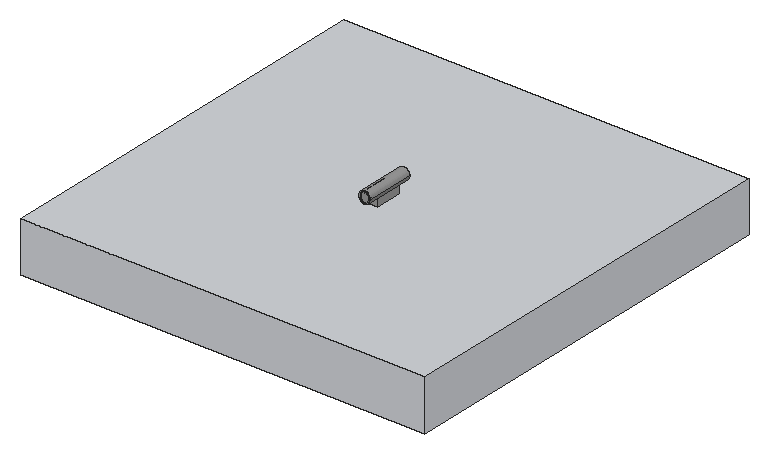
Revit family "LAMP_LUP WALL 70 DIRECT", category Luminarias, Revit 2018 (continued)
Types (2, lengths in mm): name | built-in parameter 1150107 | Product datasheet | Product code | built-in parameter 1150142 | built-in parameter 1150105 | built-in parameter 1150106 | Lumens | built-in parameter 1150104 | Efficacy | Archivo de red fotométrica
    0.00 0.00 0.00 0.00 \r\n0.00 0.00 0.00 0.00 0.00 0.00 0.00 0.00 0.00 0.00 0.00 \r\n0.00 0.00 0.00 0.00 0.00 0.00 0.00 0.00 0.00 0.00 0.00 \r\n0.00 0.00 0.00 0.00 0.00 0.00 0.00 0.00 0.00 0.00 \r\n455.10 399.99 351.66 305.58 260.38 219.38 183.23 151.71 \r\n124.01 101.00 82.60 67.24 55.54 49.55 45.02 41.24 38.31 \r\n35.64 33.17 30.29 27.19 23.86 20.08 16.76 13.97 11.75 \r\n9.96 8.61 7.71 6.80 5.85 5.00 4.29 3.73 3.20 2.74 2.35 \r\n2.08 1.86 1.65 1.36 1.00 0.60 0.32 0.17 0.00 0.00 0.00 \r\n0.00 0.00 0.00 0.00 0.00 0.00 0.00 0.00 0.00 0.00 0.00 \r\n0.00 0.00 0.00 0.00 0.00 0.00 0.00 0.00 0.00 0.00 0.00 \r\n0.00 0.00 0.00 0.00 0.00 0.00 0.00 0.00 0.00 0.00 0.00 \r\n0.00 0.00 0.00 0.00 0.00 0.00 0.00 0.00 0.00 0.00 \r\n455.10 402.91 356.79 312.43 268.95 229.36 194.20 163.44 \r\n135.89 111.90 91.67 74.60 60.81 53.34 47.70 43.15 39.85 \r\n37.10 34.34 31.05 27.86 24.33 20.44 16.99 14.12 11.88 \r\n10.10 8.77 7.85 6.92 5.93 5.06 4.34 3.77 3.25 2.77 2.36 \r\n2.07 1.84 1.63 1.35 0.99 0.60 0.32 0.17 0.00 0.00 0.00 \r\n0.00 0.00 0.00 0.00 0.00 0.00 0.00 0.00 0.00 0.00 0.00 \r\n0.00 0.00 0.00 0.00 0.00 0.00 0.00 0.00 0.00 0.00 0.00 \r\n0.00 0.00 0.00 0.00 0.00 0.00 0.00 0.00 0.00 0.00 0.00 \r\n0.00 0.00 0.00 0.00 0.00 0.00 0.00 0.00 0.00 0.00 \r\n455.10 405.84 362.02 319.55 278.26 240.51 206.54 176.46 \r\n149.42 125.26 104.52 86.85 72.52 64.39 57.56 51.83 46.54 \r\n41.69 37.32 33.06 29.03 25.22 21.06 17.43 14.41 12.09 \r\n10.26 8.90 7.97 7.03 6.04 5.15 4.41 3.82 3.29 2.81 2.38 \r\n2.08 1.83 1.61 1.33 0.99 0.60 0.32 0.17 0.00 0.00 0.00 \r\n0.00 0.00 0.00 0.00 0.00 0.00 0.00 0.00 0.00 0.00 0.00 \r\n0.00 0.00 0.00 0.00 0.00 0.00 0.00 0.00 0.00 0.00 0.00 \r\n0.00 0.00 0.00 0.00 0.00 0.00 0.00 0.00 0.00 0.00 0.00 \r\n0.00 0.00 0.00 0.00 0.00 0.00 0.00 0.00 0.00 0.00 \r\n455.10 408.83 367.33 327.16 287.82 251.83 219.38 190.15 \r\n164.08 141.12 121.05 103.41 88.66 78.20 69.45 61.78 54.09 \r\n47.09 40.77 35.15 30.30 26.14 21.73 17.90 14.71 12.32 \r\n10.43 9.00 8.08 7.13 6.15 5.24 4.49 3.88 3.34 2.84 2.41 \r\n2.09 1.83 1.59 1.31 0.97 0.60 0.32 0.16 0.00 0.00 0.00 \r\n0.00 0.00 0.00 0.00 0.00 0.00 0.00 0.00 0.00 0.00 0.00 \r\n0.00 0.00 0.00 0.00 0.00 0.00 0.00 0.00 0.00 0.00 0.00 \r\n0.00 0.00 0.00 0.00 0.00 0.00 0.00 0.00 0.00 0.00 0.00 \r\n0.00 0.00 0.00 0.00 0.00 0.00 0.00 0.00 0.00 0.00 \r\n455.10 411.86 372.96 334.86 297.56 263.30 232.58 204.60 \r\n179.43 157.30 137.51 119.93 104.39 92.20 81.48 71.92 \r\n61.81 52.47 44.18 37.26 31.58 27.05 22.40 18.37 15.00 \r\n12.54 10.60 9.14 8.19 7.24 6.27 5.34 4.56 3.92 3.38 2.88 \r\n2.44 2.10 1.82 1.57 1.30 0.96 0.60 0.32 0.16 0.00 0.00 \r\n0.00 0.00 0.00 0.00 0.00 0.00 0.00 0.00 0.00 0.00 0.00 \r\n0.00 0.00 0.00 0.00 0.00 0.00 0.00 0.00 0.00 0.00 0.00 \r\n0.00 0.00 0.00 0.00 0.00 0.00 0.00 0.00 0.00 0.00 0.00 \r\n0.00 0.00 0.00 0.00 0.00 0.00 0.00 0.00 0.00 0.00 0.00 \r\n455.10 414.94 378.75 342.63 307.46 274.89 245.84 218.98 \r\n194.78 173.49 154.02 136.20 120.00 106.12 93.46 81.88 \r\n69.36 57.87 47.58 39.34 32.85 27.97 23.07 18.84 15.28 \r\n12.77 10.76 9.28 8.30 7.34 6.38 5.43 4.63 3.98 3.42 2.92 \r\n2.46 2.11 1.82 1.56 1.28 0.95 0.59 0.32 0.17 0.00 0.00 \r\n0.00 0.00 0.00 0.00 0.00 0.00 0.00 0.00 0.00 0.00 0.00 \r\n0.00 0.00 0.00 0.00 0.00 0.00 0.00 0.00 0.00 0.00 0.00 \r\n0.00 0.00 0.00 0.00 0.00 0.00 0.00 0.00 0.00 0.00 0.00 \r\n0.00 0.00 0.00 0.00 0.00 0.00 0.00 0.00 0.00 0.00 0.00 \r\n455.10 418.07 384.60 350.49 317.38 286.53 259.10 233.26 \r\n210.20 189.56 170.54 152.67 135.81 119.87 105.34 91.87 \r\n77.02 63.26 51.07 41.45 34.12 28.87 23.74 19.30 15.63 \r\n12.99 10.93 9.39 8.41 7.45 6.49 5.53 4.70 4.03 3.46 2.95 \r\n2.49 2.13 1.82 1.53 1.26 0.94 0.58 0.32 0.17 0.00 0.00 \r\n0.00 0.00 0.00 0.00 0.00 0.00 0.00 0.00 0.00 0.00 0.00 \r\n0.00 0.00 0.00 0.00 0.00 0.00 0.00 0.00 0.00 0.00 0.00 \r\n0.00 0.00 0.00 0.00 0.00 0.00 0.00 0.00 0.00 0.00 0.00 \r\n0.00 0.00 0.00 0.00 0.00 0.00 0.00 0.00 0.00 0.00 0.00 \r\n455.10 421.23 390.50 358.42 327.39 298.23 272.42 247.59 \r\n225.50 205.75 187.07 169.08 151.65 133.74 117.29 102.04 \r\n84.63 68.66 54.33 43.56 35.40 29.79 24.42 19.77 15.90 \r\n13.22 11.10 9.53 8.52 7.55 6.60 5.61 4.78 4.08 3.51 2.99 \r\n2.52 2.14 1.81 1.51 1.24 0.93 0.58 0.32 0.17 0.00 0.00 \r\n0.00 0.00 0.00 0.00 0.00 0.00 0.00 0.00 0.00 0.00 0.00 \r\n0.00 0.00 0.00 0.00 0.00 0.00 0.00 0.00 0.00 0.00 0.00 \r\n0.00 0.00 0.00 0.00 0.00 0.00 0.00 0.00 0.00 0.00 0.00 \r\n0.00 0.00 0.00 0.00 0.00 0.00 0.00 0.00 0.00 0.00 0.00 \r\n455.10 424.48 396.46 366.56 337.54 310.15 285.87 262.09 \r\n241.10 221.91 204.03 185.52 168.09 147.74 129.95 112.17 \r\n92.25 74.59 58.04 45.65 36.67 30.73 25.07 20.24 16.23 \r\n13.45 11.27 9.66 8.63 7.66 6.71 5.71 4.85 4.14 3.55 3.02 \r\n2.55 2.16 1.80 1.50 1.23 0.92 0.57 0.32 0.17 0.00 0.00 \r\n0.00 0.00 0.00 0.00 0.00 0.00 0.00 0.00 0.00 0.00 0.00 \r\n0.00 0.00 0.00 0.00 0.00 0.00 0.00 0.00 0.00 0.00 0.00 \r\n0.00 0.00 0.00 0.00 0.00 0.00 0.00 0.00 0.00 0.00 0.00 \r\n0.00 0.00 0.00 0.00 0.00 0.00 0.00 0.00 0.00 0.00 0.00 \r\n455.10 427.86 402.48 375.13 347.84 322.61 299.42 277.36 \r\n256.92 239.40 221.48 204.40 186.09 166.61 146.88 129.10 \r\n107.82 87.33 68.87 53.32 41.70 33.39 26.57 21.04 16.77 \r\n13.91 11.62 9.87 8.82 7.81 6.84 5.83 4.94 4.22 3.61 3.07 \r\n2.58 2.17 1.81 1.50 1.21 0.90 0.57 0.31 0.17 0.00 0.00 \r\n0.00 0.00 0.00 0.00 0.00 0.00 0.00 0.00 0.00 0.00 0.00 \r\n0.00 0.00 0.00 0.00 0.00 0.00 0.00 0.00 0.00 0.00 0.00 \r\n0.00 0.00 0.00 0.00 0.00 0.00 0.00 0.00 0.00 0.00 0.00 \r\n0.00 0.00 0.00 0.00 0.00 0.00 0.00 0.00 0.00 0.00 0.00 \r\n455.10 431.28 408.54 383.80 358.34 335.15 313.53 292.78 \r\n273.89 257.13 240.67 224.17 207.35 188.53 170.29 152.51 \r\n130.46 108.36 86.51 66.74 50.42 37.89 28.89 22.21 17.72 \r\n14.62 12.17 10.29 9.09 8.01 7.00 5.97 5.07 4.32 3.69 3.13 \r\n2.61 2.20 1.83 1.49 1.20 0.90 0.56 0.31 0.17 0.00 0.00 \r\n0.00 0.00 0.00 0.00 0.00 0.00 0.00 0.00 0.00 0.00 0.00 \r\n0.00 0.00 0.00 0.00 0.00 0.00 0.00 0.00 0.00 0.00 0.00 \r\n0.00 0.00 0.00 0.00 0.00 0.00 0.00 0.00 0.00 0.00 0.00 \r\n0.00 0.00 0.00 0.00 0.00 0.00 0.00 0.00 0.00 0.00 0.00 \r\n455.10 434.71 414.64 392.57 369.26 347.80 327.82 308.40 \r\n290.91 275.24 259.87 244.48 228.69 211.12 193.72 176.55 \r\n153.42 129.40 104.64 80.09 59.16 42.15 31.19 23.37 18.56 \r\n15.34 12.72 10.65 9.35 8.22 7.15 6.10 5.19 4.42 3.78 3.19 \r\n2.65 2.23 1.85 1.49 1.20 0.89 0.56 0.31 0.16 0.00 0.00 \r\n0.00 0.00 0.00 0.00 0.00 0.00 0.00 0.00 0.00 0.00 0.00 \r\n0.00 0.00 0.00 0.00 0.00 0.00 0.00 0.00 0.00 0.00 0.00 \r\n0.00 0.00 0.00 0.00 0.00 0.00 0.00 0.00 0.00 0.00 0.00 \r\n0.00 0.00 0.00 0.00 0.00 0.00 0.00 0.00 0.00 0.00 0.00 \r\n455.10 438.17 420.79 401.44 380.28 360.52 342.17 324.14 \r\n307.87 293.36 279.10 264.76 250.08 233.72 217.12 200.31 \r\n176.37 150.42 122.63 93.43 67.90 46.37 33.51 24.54 19.37 \r\n16.06 13.26 11.00 9.62 8.41 7.31 6.24 5.31 4.52 3.85 3.24 \r\n2.69 2.26 1.86 1.50 1.19 0.87 0.55 0.30 0.16 0.00 0.00 \r\n0.00 0.00 0.00 0.00 0.00 0.00 0.00 0.00 0.00 0.00 0.00 \r\n0.00 0.00 0.00 0.00 0.00 0.00 0.00 0.00 0.00 0.00 0.00 \r\n0.00 0.00 0.00 0.00 0.00 0.00 0.00 0.00 0.00 0.00 0.00 \r\n0.00 0.00 0.00 0.00 0.00 0.00 0.00 0.00 0.00 0.00 0.00 \r\n455.10 441.65 427.10 410.38 391.39 373.32 356.36 339.85 \r\n324.92 311.48 298.28 285.05 271.51 256.33 240.51 223.77 \r\n199.32 171.44 140.62 106.81 76.65 51.19 35.83 25.72 20.32 \r\n16.77 13.81 11.32 9.89 8.61 7.46 6.38 5.44 4.63 3.93 3.30 \r\n2.73 2.29 1.88 1.50 1.18 0.86 0.54 0.30 0.16 0.00 0.00 \r\n0.00 0.00 0.00 0.00 0.00 0.00 0.00 0.00 0.00 0.00 0.00 \r\n0.00 0.00 0.00 0.00 0.00 0.00 0.00 0.00 0.00 0.00 0.00 \r\n0.00 0.00 0.00 0.00 0.00 0.00 0.00 0.00 0.00 0.00 0.00 \r\n0.00 0.00 0.00 0.00 0.00 0.00 0.00 0.00 0.00 0.00 0.00 \r\n455.10 445.14 433.45 419.34 402.59 386.22 370.68 355.54 \r\n341.84 329.57 317.50 305.38 292.95 278.89 263.90 247.32 \r\n222.24 192.49 158.68 120.19 85.41 55.85 38.14 26.88 21.23 \r\n17.49 14.35 11.70 10.16 8.81 7.62 6.52 5.56 4.74 4.01 \r\n3.35 2.77 2.32 1.89 1.50 1.18 0.85 0.53 0.30 0.16 0.00 \r\n0.00 0.00 0.00 0.00 0.00 0.00 0.00 0.00 0.00 0.00 0.00 \r\n0.00 0.00 0.00 0.00 0.00 0.00 0.00 0.00 0.00 0.00 0.00 \r\n0.00 0.00 0.00 0.00 0.00 0.00 0.00 0.00 0.00 0.00 0.00 \r\n0.00 0.00 0.00 0.00 0.00 0.00 0.00 0.00 0.00 0.00 0.00 \r\n0.00 \r\n455.10 448.65 439.81 428.34 413.79 399.16 384.99 371.28 \r\n358.90 347.74 336.73 325.66 314.33 301.46 287.30 270.95 \r\n245.17 213.53 176.73 133.56 94.18 60.40 40.45 28.04 22.12 \r\n18.20 14.89 12.09 10.43 9.01 7.78 6.66 5.68 4.85 4.09 \r\n3.41 2.81 2.34 1.91 1.50 1.17 0.84 0.52 0.30 0.16 0.00 \r\n0.00 0.00 0.00 0.00 0.00 0.00 0.00 0.00 0.00 0.00 0.00 \r\n0.00 0.00 0.00 0.00 0.00 0.00 0.00 0.00 0.00 0.00 0.00 \r\n0.00 0.00 0.00 0.00 0.00 0.00 0.00 0.00 0.00 0.00 0.00 \r\n0.00 0.00 0.00 0.00 0.00 0.00 0.00 0.00 0.00 0.00 0.00 \r\n0.00 \r\n455.10 452.17 446.21 437.40 425.08 412.16 399.18 386.63 \r\n375.17 364.72 354.48 344.16 333.57 321.60 308.12 292.08 \r\n266.37 233.65 194.55 147.32 103.64 65.62 43.18 29.42 \r\n23.09 19.02 15.56 12.55 10.76 9.25 7.95 6.81 5.81 4.96 \r\n4.18 3.47 2.86 2.38 1.93 1.50 1.16 0.83 0.52 0.29 0.15 \r\n0.00 0.00 0.00 0.00 0.00 0.00 0.00 0.00 0.00 0.00 0.00 \r\n0.00 0.00 0.00 0.00 0.00 0.00 0.00 0.00 0.00 0.00 0.00 \r\n0.00 0.00 0.00 0.00 0.00 0.00 0.00 0.00 0.00 0.00 0.00 \r\n0.00 0.00 0.00 0.00 0.00 0.00 0.00 0.00 0.00 0.00 0.00 \r\n0.00 0.00 \r\n455.10 455.69 452.64 446.50 436.46 425.28 413.53 402.18 \r\n391.64 381.43 371.34 360.95 350.08 337.78 323.93 307.65 \r\n282.38 249.73 210.14 161.14 115.00 73.86 47.83 31.71 \r\n24.43 20.16 16.53 13.33 11.36 9.67 8.24 7.01 5.97 5.09 \r\n4.28 3.56 2.92 2.43 1.96 1.52 1.16 0.83 0.52 0.29 0.15 \r\n0.00 0.00 0.00 0.00 0.00 0.00 0.00 0.00 0.00 0.00 0.00 \r\n0.00 0.00 0.00 0.00 0.00 0.00 0.00 0.00 0.00 0.00 0.00 \r\n0.00 0.00 0.00 0.00 0.00 0.00 0.00 0.00 0.00 0.00 0.00 \r\n0.00 0.00 0.00 0.00 0.00 0.00 0.00 0.00 0.00 0.00 0.00 \r\n0.00 0.00 \r\n455.10 459.22 459.09 455.66 447.93 438.37 427.66 416.69 \r\n406.20 396.12 385.92 375.24 363.85 350.76 336.44 320.30 \r\n295.72 263.73 224.46 174.46 126.44 82.65 52.85 34.17 \r\n25.83 21.32 17.52 14.14 11.99 10.13 8.54 7.22 6.12 5.22 \r\n4.39 3.65 2.99 2.47 1.99 1.53 1.17 0.83 0.52 0.29 0.15 \r\n0.00 0.00 0.00 0.00 0.00 0.00 0.00 0.00 0.00 0.00 0.00 \r\n0.00 0.00 0.00 0.00 0.00 0.00 0.00 0.00 0.00 0.00 0.00 \r\n0.00 0.00 0.00 0.00 0.00 0.00 0.00 0.00 0.00 0.00 0.00 \r\n0.00 0.00 0.00 0.00 0.00 0.00 0.00 0.00 0.00 0.00 0.00 \r\n0.00 0.00 \r\n455.10 462.75 465.56 464.80 459.21 451.31 441.78 431.24 \r\n421.05 410.91 400.48 389.41 377.50 363.78 349.00 333.02 \r\n309.07 277.71 238.59 187.77 137.95 91.29 57.84 36.61 \r\n27.13 22.48 18.51 14.94 12.62 10.58 8.83 7.42 6.28 5.34 \r\n4.49 3.73 3.05 2.52 2.02 1.55 1.17 0.83 0.52 0.30 0.16 \r\n0.00 0.00 0.00 0.00 0.00 0.00 0.00 0.00 0.00 0.00 0.00 \r\n0.00 0.00 0.00 0.00 0.00 0.00 0.00 0.00 0.00 0.00 0.00 \r\n0.00 0.00 0.00 0.00 0.00 0.00 0.00 0.00 0.00 0.00 0.00 \r\n0.00 0.00 0.00 0.00 0.00 0.00 0.00 0.00 0.00 0.00 0.00 \r\n0.00 0.00 \r\n455.10 466.28 472.05 473.82 470.56 464.41 456.14 445.71 \r\n435.57 425.66 415.20 403.67 391.14 376.74 361.58 345.85 \r\n322.40 291.69 252.88 201.12 149.30 99.56 62.83 39.03 \r\n28.27 23.65 19.51 15.81 13.25 11.03 9.12 7.63 6.43 5.47 \r\n4.60 3.81 3.11 2.56 2.05 1.57 1.18 0.82 0.52 0.30 0.16 \r\n0.00 0.00 0.00 0.00 0.00 0.00 0.00 0.00 0.00 0.00 0.00 \r\n0.00 0.00 0.00 0.00 0.00 0.00 0.00 0.00 0.00 0.00 0.00 \r\n0.00 0.00 0.00 0.00 0.00 0.00 0.00 0.00 0.00 0.00 0.00 \r\n0.00 0.00 0.00 0.00 0.00 0.00 0.00 0.00 0.00 0.00 0.00 \r\n0.00 0.00 \r\n455.10 469.80 478.44 482.89 482.00 477.64 470.05 460.18 \r\n450.47 440.38 429.68 418.05 404.86 389.65 374.17 358.37 \r\n335.72 305.73 267.57 214.29 160.91 108.77 67.75 41.47 \r\n29.88 24.81 20.49 16.67 13.88 11.48 9.41 7.83 6.58 5.60 \r\n4.71 3.90 3.17 2.61 2.08 1.58 1.19 0.82 0.51 0.30 0.17 \r\n0.00 0.00 0.00 0.00 0.00 0.00 0.00 0.00 0.00 0.00 0.00 \r\n0.00 0.00 0.00 0.00 0.00 0.00 0.00 0.00 0.00 0.00 0.00 \r\n0.00 0.00 0.00 0.00 0.00 0.00 0.00 0.00 0.00 0.00 0.00 \r\n0.00 0.00 0.00 0.00 0.00 0.00 0.00 0.00 0.00 0.00 0.00 \r\n0.00 0.00 \r\n455.10 473.31 484.84 492.00 493.52 490.64 484.16 474.94 \r\n464.96 455.24 444.28 432.14 418.69 402.56 386.76 370.60 \r\n349.01 319.74 282.96 227.78 172.50 118.18 72.80 43.93 \r\n31.46 25.96 21.48 17.50 14.52 11.93 9.66 8.04 6.73 5.73 \r\n4.82 3.99 3.24 2.65 2.10 1.60 1.19 0.82 0.51 0.30 0.17 \r\n0.00 0.00 0.00 0.00 0.00 0.00 0.00 0.00 0.00 0.00 0.00 \r\n0.00 0.00 0.00 0.00 0.00 0.00 0.00 0.00 0.00 0.00 0.00 \r\n0.00 0.00 0.00 0.00 0.00 0.00 0.00 0.00 0.00 0.00 0.00 \r\n0.00 0.00 0.00 0.00 0.00 0.00 0.00 0.00 0.00 0.00 0.00 \r\n0.00 0.00 \r\n455.10 476.81 491.24 501.15 504.98 503.86 498.64 489.94 \r\n479.86 470.18 458.93 446.11 432.53 415.18 399.26 382.89 \r\n362.24 333.69 296.29 241.25 183.90 126.62 77.86 46.37 \r\n32.45 27.13 22.48 18.25 15.15 12.39 10.00 8.25 6.88 5.85 \r\n4.92 4.07 3.31 2.69 2.13 1.62 1.20 0.82 0.51 0.30 0.18 \r\n0.00 0.00 0.00 0.00 0.00 0.00 0.00 0.00 0.00 0.00 0.00 \r\n0.00 0.00 0.00 0.00 0.00 0.00 0.00 0.00 0.00 0.00 0.00 \r\n0.00 0.00 0.00 0.00 0.00 0.00 0.00 0.00 0.00 0.00 0.00 \r\n0.00 0.00 0.00 0.00 0.00 0.00 0.00 0.00 0.00 0.00 0.00 \r\n0.00 0.00 \r\n455.10 480.29 497.64 510.33 516.49 517.32 513.84 505.46 \r\n496.00 485.66 473.25 459.97 444.43 426.54 409.09 392.93 \r\n372.74 344.73 308.32 253.54 195.74 136.88 84.40 50.23 \r\n34.48 28.29 23.39 19.14 15.87 12.99 10.46 8.55 7.09 6.00 \r\n5.03 4.16 3.38 2.74 2.16 1.64 1.20 0.83 0.50 0.30 0.18 \r\n0.00 0.00 0.00 0.00 0.00 0.00 0.00 0.00 0.00 0.00 0.00 \r\n0.00 0.00 0.00 0.00 0.00 0.00 0.00 0.00 0.00 0.00 0.00 \r\n0.00 0.00 0.00 0.00 0.00 0.00 0.00 0.00 0.00 0.00 0.00 \r\n0.00 0.00 0.00 0.00 0.00 0.00 0.00 0.00 0.00 0.00 0.00 \r\n0.00 0.00 \r\n455.10 483.72 504.05 519.47 528.07 531.10 529.44 522.14 \r\n512.92 501.39 488.09 472.78 455.63 435.99 417.32 400.29 \r\n380.11 353.48 319.84 265.36 207.82 148.21 92.85 55.36 \r\n36.13 29.43 24.21 19.98 16.70 13.72 11.02 8.96 7.35 6.15 \r\n5.15 4.25 3.44 2.78 2.19 1.65 1.21 0.83 0.50 0.30 0.18 \r\n0.00 0.00 0.00 0.00 0.00 0.00 0.00 0.00 0.00 0.00 0.00 \r\n0.00 0.00 0.00 0.00 0.00 0.00 0.00 0.00 0.00 0.00 0.00 \r\n0.00 0.00 0.00 0.00 0.00 0.00 0.00 0.00 0.00 0.00 0.00 \r\n0.00 0.00 0.00 0.00 0.00 0.00 0.00 0.00 0.00 0.00 0.00 \r\n0.00 0.00 \r\n455.10 487.09 510.44 528.65 539.71 545.05 545.31 539.32 \r\n529.61 517.83 502.61 485.58 466.75 445.15 425.26 407.36 \r\n387.49 361.93 329.00 277.03 219.78 159.43 101.16 60.50 \r\n38.56 30.59 25.04 20.79 17.51 14.46 11.62 9.36 7.61 6.32 \r\n5.27 4.33 3.50 2.83 2.22 1.66 1.22 0.83 0.51 0.30 0.18 \r\n0.00 0.00 0.00 0.00 0.00 0.00 0.00 0.00 0.00 0.00 0.00 \r\n0.00 0.00 0.00 0.00 0.00 0.00 0.00 0.00 0.00 0.00 0.00 \r\n0.00 0.00 0.00 0.00 0.00 0.00 0.00 0.00 0.00 0.00 0.00 \r\n0.00 0.00 0.00 0.00 0.00 0.00 0.00 0.00 0.00 0.00 0.00 \r\n0.00 0.00 \r\n455.10 490.45 516.82 537.88 551.32 559.14 561.36 556.44 \r\n547.15 533.61 517.14 498.57 477.79 454.17 433.11 414.53 \r\n394.94 370.40 339.78 288.74 231.99 170.73 109.49 65.72 \r\n39.82 31.75 25.86 21.66 18.34 15.20 12.23 9.77 7.86 6.49 \r\n5.39 4.41 3.54 2.87 2.25 1.67 1.22 0.84 0.51 0.30 0.18 \r\n0.00 0.00 0.00 0.00 0.00 0.00 0.00 0.00 0.00 0.00 0.00 \r\n0.00 0.00 0.00 0.00 0.00 0.00 0.00 0.00 0.00 0.00 0.00 \r\n0.00 0.00 0.00 0.00 0.00 0.00 0.00 0.00 0.00 0.00 0.00 \r\n0.00 0.00 0.00 0.00 0.00 0.00 0.00 0.00 0.00 0.00 0.00 \r\n0.00 0.00 \r\n455.10 493.78 523.19 547.17 563.01 573.29 577.86 573.50 \r\n564.20 549.99 531.75 511.07 488.61 463.45 441.07 421.71 \r\n402.27 378.89 349.66 300.38 243.94 182.05 117.92 70.78 \r\n42.14 32.90 26.70 22.50 19.15 15.94 12.80 10.17 8.12 6.63 \r\n5.50 4.50 3.62 2.92 2.28 1.70 1.24 0.84 0.52 0.30 0.18 \r\n0.00 0.00 0.00 0.00 0.00 0.00 0.00 0.00 0.00 0.00 0.00 \r\n0.00 0.00 0.00 0.00 0.00 0.00 0.00 0.00 0.00 0.00 0.00 \r\n0.00 0.00 0.00 0.00 0.00 0.00 0.00 0.00 0.00 0.00 0.00 \r\n0.00 0.00 0.00 0.00 0.00 0.00 0.00 0.00 0.00 0.00 0.00 \r\n0.00 0.00 \r\n455.10 497.08 529.52 556.51 574.83 587.48 594.20 591.03 \r\n581.45 565.93 546.08 524.06 499.65 472.81 449.08 428.95 \r\n409.75 387.35 360.25 312.12 256.08 193.31 126.09 75.88 \r\n44.36 34.08 27.53 23.31 19.98 16.68 13.42 10.59 8.38 6.81 \r\n5.62 4.59 3.68 2.96 2.31 1.72 1.24 0.84 0.52 0.30 0.18 \r\n0.00 0.00 0.00 0.00 0.00 0.00 0.00 0.00 0.00 0.00 0.00 \r\n0.00 0.00 0.00 0.00 0.00 0.00 0.00 0.00 0.00 0.00 0.00 \r\n0.00 0.00 0.00 0.00 0.00 0.00 0.00 0.00 0.00 0.00 0.00 \r\n0.00 0.00 0.00 0.00 0.00 0.00 0.00 0.00 0.00 0.00 0.00 \r\n0.00 0.00 \r\n455.10 500.35 535.76 565.90 586.80 601.93 610.23 608.70 \r\n599.02 582.68 561.26 537.19 510.86 481.95 456.94 435.88 \r\n417.11 395.84 370.02 323.69 268.21 204.65 134.48 81
